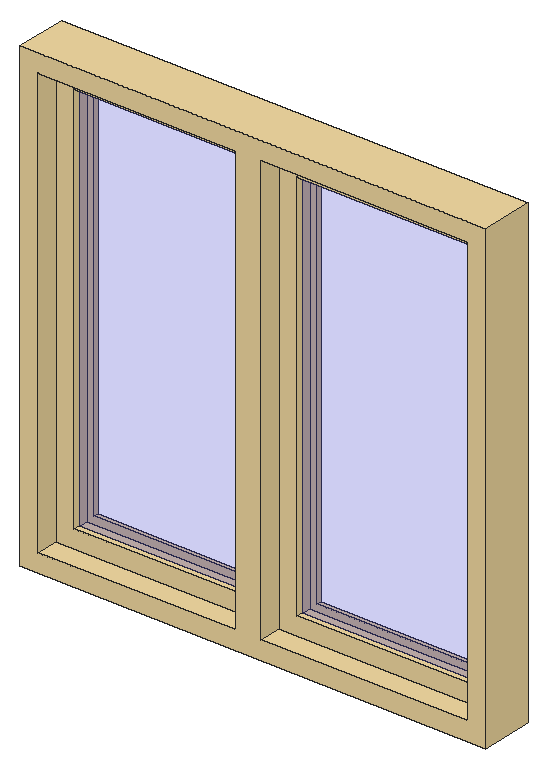
Revit family "6302-COto 62", category Windows, host Wall, Revit 2016
Family settings
  Host = Wall
  OmniClass Number = 23.30.20.00
  OmniClass Title = Windows
  Always vertical = Yes
  Cut with Voids When Loaded = No
  Shared = No
  Room Calculation Point = No
Parameters (values of type "1188x1188mm")
  top 2 [instance] = no
  top 1 [instance] = no
  right 2 [instance] = yes
  right 1 [instance] = no
  left 2 [instance] = no
  left 1 [instance] = yes
  Sash 2 [instance] = or(top 2, right 2, left 2)  # yes
  Sash 1 [instance] = or(top 1, right 1, left 1)  # yes
  Rough Width = Width + 2 * Joint  # 1212 mm
  Rough Height = Height + 2 * Joint  # 1212 mm
  Offset from wall = 40 mm
  Mullion Placement = 594 mm
  Manufacturer = "www.kronevinduer.dk"
  Joint = 12 mm
  Height = 1188 mm
  Frame 176mm [instance] = no
  Frame 157mm [instance] = no
  Default Sill Height = 800 mm
  Wall Closure = By host
  Width = 1188 mm
Reference planes
  plane 1 "Center (Front/Back)": y = 0
  plane 2 "Center (Left/Right)": x = 0
  plane 3 "Left": x = -594
  plane 4 "Right": x = 594
  plane 5 "Sill": z = 800
  plane 6 "Head": z = 1988
  plane 7 "Exterior": y = 100
  plane 8 "Interior": y = -100
  plane 9: y = 60
  plane 10: x = 582
  plane 11: x = -582
  plane 12: z = 812
  plane 13: z = 1976
  plane 14: x = -12
  plane 15: x = 285
  plane 16: x = -297
  plane 17: z = 1394
Forms (mm)
  Sweep 1, solid, material "Wood frame"
    path origin (0, 100, 0) x (1, 0, 0) y (0, 0, 1)
      loop
        line (582, 812) -> (582, 1976) -> (-582, 1976) -> (-582, 812) -> (582, 812)
    profile "COto 62 træ-alu,karm- fast glas 45mm : COto 62 træ-alu,karm- fast glas 45mm" origin (0, 100, 812) x (0, 0, -1) y (0, -1, 0)
      loop
        line (0, 170) -> (-45, 170) -> (-45, 99) -> (-27, 99) -> (-27, 51) -> (-45, 51) -> (-45, 40) -> (0, 40) -> (0, 170)
  Sweep 2, solid, material "Wood frame"
    path origin (0, 100, 0) x (1, 0, 0) y (0, 0, 1)
      loop
        line (-12, 812) -> (-12, 1976)
    profile "COto 62 træ-alu, Post-fast glas 63 mm : COto 62 træ-alu, Post-fast glas 63 mm" origin (-12, 100, 1394) x (-1, 0, 0) y (0, -1, 0)
      loop
        line (31.5, 170) -> (-31.5, 170) -> (-31.5, 99) -> (-13.5, 99) -> (-13.5, 51) -> (-31.5, 51) -> (-31.5, 40) -> (31.5, 40) -> (31.5, 51) -> (13.5, 51) -> (13.5, 99) -> (31.5, 99) -> (31.5, 170)
  Extrusion 3, solid, material "Glass"
    sketch origin (-594, 0, 0) x (0, -1, 0) y (0, 0, 1)
      loop
        line (-49, 839) -> (-1, 839) -> (-1, 1949) -> (-49, 1949) -> (-49, 839)
    from -568.5 to -39
  Extrusion 4, solid, material "Glass"
    sketch origin (594, 0, 0) x (0, -1, 0) y (0, 0, 1)
      loop
        line (-1, 839) -> (-1, 1949) -> (-49, 1949) -> (-49, 839) -> (-1, 839)
    from 39 to 592.5
  Sweep 5, solid, material "Wood frame", visible <- "Sash 1"
    path origin (0, 100, 0) x (1, 0, 0) y (0, 0, 1)
      loop
        line (555, 839) -> (555, 1949) -> (1.5, 1949) -> (1.5, 839) -> (555, 839)
    profile "COto 62 træ-alu,opluk-ramme : COto 62 træ-alu,opluk-ramme" origin (278.25, 100, 839) x (0, 0, -1) y (0, -1, 0)
      loop
        line (0, 99) -> (-18, 99) -> (-18, 114) -> (-63, 114) -> (-63, 99) -> (-45, 99) -> (-45, 51) -> (-63, 51) -> (-63, 40) -> (0, 40) -> (0, 99)
  Sweep 6, solid, material "Wood frame", visible <- "Sash 2"
    path origin (0, 100, 0) x (1, 0, 0) y (0, 0, 1)
      loop
        line (-25.5, 839) -> (-25.5, 1949) -> (-555, 1949) -> (-555, 839) -> (-25.5, 839)
    profile "COto 62 træ-alu,opluk-ramme : COto 62 træ-alu,opluk-ramme" origin (-290.25, 100, 839) x (0, 0, -1) y (0, -1, 0)
      loop
        line (0, 99) -> (-18, 99) -> (-18, 114) -> (-63, 114) -> (-63, 99) -> (-45, 99) -> (-45, 51) -> (-63, 51) -> (-63, 40) -> (0, 40) -> (0, 99)
  Sweep 7, solid, material "Wood frame", visible <- "Frame 157mm"
    path origin (0, 100, 0) x (1, 0, 0) y (0, 0, 1)
      loop
        line (582, 812) -> (582, 1976) -> (-582, 1976) -> (-582, 812) -> (582, 812)
    profile "COto 62 træ-alu,karm- fast glas 45mm-157 : COto 62 træ-alu,karm- fast glas 45mm-157" origin (0, 100, 812) x (0, 0, -1) y (0, -1, 0)
      loop
        line (0, 197) -> (-45, 197) -> (-45, 99) -> (-27, 99) -> (-27, 51) -> (-45, 51) -> (-45, 40) -> (0, 40) -> (0, 197)
  Sweep 8, solid, material "Wood frame", visible <- "Frame 157mm"
    path origin (0, 100, 0) x (1, 0, 0) y (0, 0, 1)
      loop
        line (-12, 1976) -> (-12, 812)
    profile "COto 62 træ-alu, Post-fast glas 63 mm-157 : COto 62 træ-alu, Post-fast glas 63 mm-157" origin (-12, 100, 1394) x (1, 0, 0) y (0, -1, 0)
      loop
        line (31.5, 197) -> (-31.5, 197) -> (-31.5, 99) -> (-13.5, 99) -> (-13.5, 51) -> (-31.5, 51) -> (-31.5, 40) -> (31.5, 40) -> (31.5, 51) -> (13.5, 51) -> (13.5, 99) -> (31.5, 99) -> (31.5, 197)
  Sweep 9, solid, material "Wood frame", visible <- "Frame 176mm"
    path origin (0, 100, 0) x (1, 0, 0) y (0, 0, 1)
      loop
        line (582, 812) -> (582, 1976) -> (-582, 1976) -> (-582, 812) -> (582, 812)
    profile "COto 62 træ-alu,karm- fast glas 45mm-176 : COto 62 træ-alu,karm- fast glas 45mm-176" origin (0, 100, 812) x (0, 0, -1) y (0, -1, 0)
      loop
        line (0, 216) -> (-45, 216) -> (-45, 99) -> (-27, 99) -> (-27, 51) -> (-45, 51) -> (-45, 40) -> (0, 40) -> (0, 216)
  Sweep 10, solid, material "Wood frame", visible <- "Frame 176mm"
    path origin (0, 100, 0) x (1, 0, 0) y (0, 0, 1)
      loop
        line (-12, 1976) -> (-12, 812)
    profile "COto 62 træ-alu, Post-fast glas 63 mm-176 : COto 62 træ-alu, Post-fast glas 63 mm-176" origin (-12, 100, 1394) x (1, 0, 0) y (0, -1, 0)
      loop
        line (31.5, 216) -> (-31.5, 216) -> (-31.5, 99) -> (-13.5, 99) -> (-13.5, 51) -> (-31.5, 51) -> (-31.5, 40) -> (31.5, 40) -> (31.5, 51) -> (13.5, 51) -> (13.5, 99) -> (31.5, 99) -> (31.5, 216)
Cuts and joins
  joined: Sweep 1, Sweep 2
  joined: Sweep 7, Sweep 8
  joined: Sweep 9, Sweep 10
Lines and regions (mm)
  Opening 1
    outline origin (3500, -100, 0) x (1, 0, 0) y (0, 0, 1)
      loop
        line (-2906, 800) -> (-2906, 1988) -> (-4094, 1988) -> (-4094, 800) -> (-2906, 800)
  symbolic lines, visible <- "top 1"
    curve 1: line (555, 100, 1949) -> (285, 100, 839)
    curve 11: line (285, 100, 839) -> (1.5, 100, 1949)
    curve 12: line (-297, 100, 839) -> (-555, 100, 1949)
  symbolic lines, visible <- "top 2"
    curve 2: line (-25.5, 100, 1949) -> (-297, 100, 839)
  symbolic lines, visible <- "left 1"
    curve 3: line (555, 100, 1949) -> (1.5, 100, 1394)
    curve 4: line (1.5, 100, 1394) -> (555, 100, 839)
  symbolic lines, visible <- "left 2"
    curve 5: line (-25.5, 100, 1949) -> (-555, 100, 1394)
    curve 6: line (-555, 100, 1394) -> (-25.5, 100, 839)
  symbolic lines, visible <- "right 1"
    curve 7: line (1.5, 100, 1949) -> (555.749, 100, 1394.751)
    curve 8: line (555.749, 100, 1394.751) -> (1.5, 100, 839)
  symbolic lines, visible <- "right 2"
    curve 9: line (-555, 100, 1949) -> (-25.5, 100, 1394)
    curve 10: line (-25.5, 100, 1394) -> (-555, 100, 839)
Text (mm)
  text "EXTERIOR" at (-1963.203, 1332.353, 0), in view "Ref. Level"
  text "INTERIOR" at (-1981.466, -818.386, 0), in view "Ref. Level"
  text "Exterior" at (0, 923.751, 2943.296), in view "Right"
  text "Exterior" at (0, 1040.484, 2685.409), in view "Left"
Dimensions and locks
  equal spacing: plane 3 "Left", plane 2 "Center (Left/Right)", plane 4 "Right"
  "Width": plane 3 "Left" to plane 4 "Right"
  "Height": plane 5 "Sill" to plane 6 "Head"
  "Default Sill Height": plane 5 "Sill" to level
  locked: plane 7 "Exterior" to host wall at 0
  locked: plane 8 "Interior" to host wall
  "Joint": plane 13 to plane 6 "Head"
  "Joint": plane 5 "Sill" to plane 12
  "Joint": plane 3 "Left" to plane 11
  "Joint": plane 10 to plane 4 "Right"
  "Offset from wall": plane 9 to plane 7 "Exterior"
  "Mullion Placement": plane 14 to plane 10
  equal spacing: plane 14, plane 15, plane 10
  equal spacing: plane 11, plane 16, plane 14
  equal spacing: plane 12, plane 17, plane 13
  aligned and locked: plane 12 to Sweep 1 sketch curve
  aligned and locked: plane 10 to Sweep 1 sketch curve
  aligned and locked: Sweep 1 sketch curve to plane 13
  aligned and locked: Sweep 1 sketch curve to plane 11
  aligned and locked: Extrusion 3 sketch curve to cut or joined group of Sweep 1, Sweep 2  (x2)
  aligned and locked: Extrusion 3 to cut or joined group of Sweep 1, Sweep 2  (x4)
  aligned and locked: Extrusion 4 sketch curve to cut or joined group of Sweep 1, Sweep 2  (x2)
  aligned and locked: Extrusion 4 to cut or joined group of Sweep 1, Sweep 2  (x4)
  aligned and locked: Sweep 5 sketch curve to cut or joined group of Sweep 1, Sweep 2  (x2)
  aligned and locked: cut or joined group of Sweep 1, Sweep 2 to Sweep 5 sketch curve  (x2)
  aligned and locked: cut or joined group of Sweep 1, Sweep 2 to Sweep 6 sketch curve  (x2)
  aligned and locked: Sweep 6 sketch curve to cut or joined group of Sweep 1, Sweep 2  (x2)
  aligned and locked: Sweep 7 sketch curve to cut or joined group of Sweep 1, Sweep 2  (x4)
  aligned and locked: Sweep 9 sketch curve to cut or joined group of Sweep 1, Sweep 2  (x4)
Automatic sketch dimensions
  Opening 1 sketch curve to plane 3 "Left" = 0 mm
  Opening 1 sketch curve to plane 4 "Right" = 0 mm
  Opening 1 sketch curve to plane 5 "Sill" = 0 mm
  Opening 1 sketch curve to plane 6 "Head" = 0 mm
  Sweep 2 sketch curve to plane 13 = 0 mm
  plane 14 to Sweep 2 sketch curve = 0 mm
  Sweep 2 sketch curve to plane 12 = 0 mm
  Extrusion 3 sketch curve to plane 5 "Sill" = 39 mm
  plane 6 "Head" to Extrusion 3 sketch curve = 39 mm
  Extrusion 4 sketch curve to plane 5 "Sill" = 39 mm
  plane 6 "Head" to Extrusion 4 sketch curve = 39 mm
  Sweep 8 sketch curve to plane 12 = 0 mm
  plane 14 to Sweep 8 sketch curve = 0 mm
  Sweep 8 sketch curve to plane 13 = 0 mm
  Sweep 10 sketch curve to plane 12 = 0 mm
  plane 14 to Sweep 10 sketch curve = 0 mm
  Sweep 10 sketch curve to plane 13 = 0 mm
  curve 6 to plane 17 = 0 mm
  curve 2 to plane 16 = 0 mm
  curve 10 to plane 17 = 0 mm
  curve 4 to plane 17 = 0 mm
  plane 15 to curve 1 = 0 mm
  curve 9 to plane 11 = 27 mm
  curve 5 to plane 11 = 27 mm
  plane 14 to curve 10 = 13.5 mm
  plane 14 to curve 2 = 13.5 mm
  curve 4 to plane 14 = 13.5 mm
  plane 10 to curve 3 = 27 mm
  plane 17 to curve 7 = 0.751 mm
  plane 10 to curve 7 = 26.251 mm
  plane 12 to curve 12 = 27 mm
  plane 12 to curve 11 = 27 mm
  curve 9 to plane 13 = 27 mm
  curve 5 to plane 13 = 27 mm
  curve 3 to plane 13 = 27 mm
  curve 10 to plane 11 = 27 mm
  plane 14 to curve 6 = 13.5 mm
  curve 11 to plane 14 = 13.5 mm
  curve 8 to plane 14 = 13.5 mm
  plane 10 to curve 4 = 27 mm
  plane 12 to curve 4 = 27 mm
  plane 12 to curve 8 = 27 mm
  plane 12 to curve 10 = 27 mm
  curve 6 to curve 8 = 0 mm
  curve 7 to plane 13 = 27 mm
